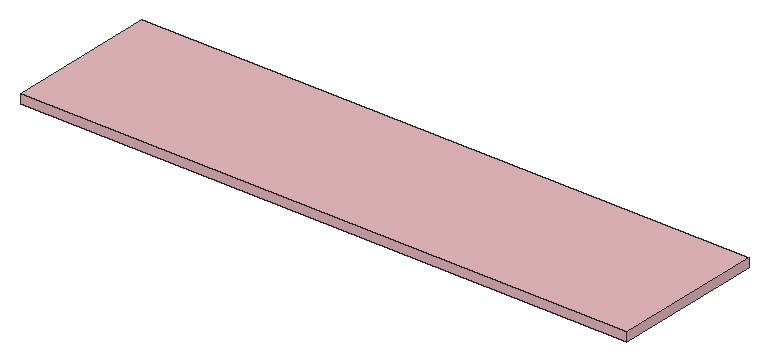
Revit family "Wood Wool - Ceiling Clouds", category Specialty Equipment, Revit 2023
Family settings
  Round Connector Dimension = Use Diameter
  Part Type = Normal
  OmniClass Number = 23.35.00.00
  OmniClass Title = Covering, Cladding, and Finishes
  Work Plane-Based = Yes
  Enable Cutting in Views = Yes
  Always vertical = No
  Cut with Voids When Loaded = No
  Maintain Annotation Orientation = No
  Shared = No
  Room Calculation Point = No
Parameters (values of type "1-3/8" Square 2ft x 8ft Custom Painted")
  URL = "https://www.acousticalsurfaces.com/envirocoustic-wood-wool/cloud/"
  Type Comments = "Acoustic panels"
  Thickness Options = 1
  T = if(Thickness Options = 0, 0' 1", 0' 0") + if(Thickness Options = 1, 0' 1 3/8", 0' 0") + if(Thickness Options = 2, 0' 2", 0' 0")  # 0' - 1 3/8"
  Recycled Content Percentage = "0%"
  Model = "Envirocoustic Wood Wool"
  Material = "Envirocoustic Wood Wool"
  Manufacturer = "Acoustical Surfaces, Inc."
  Fire Rating = "ASTM E84 - Class A"
  Finish = Paint - Acoustical-Surfaces - Custom Painted
  Edge Option = 2
  ‍     2. Square = Edge Option = 2  # yes
  ‍     1. Beveled = Edge Option = 1  # no
  Width = 2' - 0"
  Length = 8' - 0"
  ‍      2. Thickness 2" = Thickness Options = 2  # no
  ‍      1. Thickness 1-3/8" = Thickness Options = 1  # yes
  Description = "Acoustic Panels"
  Default Elevation = 0' - 0"
  Assembly Code = "C30"
  Acoustics - NRC = "Sound absorption varies from NRC 0.45 to 0.95 based on installation method used when tested per ASTM C423."
Types (24): name | Thickness Options | T | Finish | Edge Option | ‍     2. Square | ‍     1. Beveled | Length | ‍      2. Thickness 2" | ‍      1. Thickness 1-3/8"
  1-3/8" Square 2ft x 8ft Custom Painted | 1 | 0' - 1 3/8" | Paint - Acoustical-Surfaces - Custom Painted | 2 | yes | no | 8' - 0" | no | yes
  1-3/8" Square 2ft x 4ft Custom Painted | 1 | 0' - 1 3/8" | Paint - Acoustical-Surfaces - Custom Painted | 2 | yes | no | 4' - 0" | no | yes
  1-3/8" Square 2ft x 8ft Primed White | 1 | 0' - 1 3/8" | Paint - Acoustical-Surfaces - Primed White | 2 | yes | no | 8' - 0" | no | yes
  1-3/8" Square 2ft x 4ft Primed White | 1 | 0' - 1 3/8" | Paint - Acoustical-Surfaces - Primed White | 2 | yes | no | 4' - 0" | no | yes
  1-3/8" Square 2ft x 8ft Primed Clear | 1 | 0' - 1 3/8" | Paint - Acoustical-Surfaces - Primed Clear | 2 | yes | no | 8' - 0" | no | yes
  1-3/8" Square 2ft x 4ft Primed Clear | 1 | 0' - 1 3/8" | Paint - Acoustical-Surfaces - Primed Clear | 2 | yes | no | 4' - 0" | no | yes
  1-3/8" Beveled 2ft x 8ft Custom Painted | 1 | 0' - 1 3/8" | Paint - Acoustical-Surfaces - Custom Painted | 1 | no | yes | 8' - 0" | no | yes
  1-3/8" Beveled 2ft x 4ft Custom Painted | 1 | 0' - 1 3/8" | Paint - Acoustical-Surfaces - Custom Painted | 1 | no | yes | 4' - 0" | no | yes
  1-3/8" Beveled 2ft x 8ft Primed White | 1 | 0' - 1 3/8" | Paint - Acoustical-Surfaces - Primed White | 1 | no | yes | 8' - 0" | no | yes
  1-3/8" Beveled 2ft x 4ft Primed White | 2 | 0' - 2" | Paint - Acoustical-Surfaces - Primed White | 1 | no | yes | 4' - 0" | yes | no
  1-3/8" Beveled 2ft x 8ft Primed Clear | 1 | 0' - 1 3/8" | Paint - Acoustical-Surfaces - Primed Clear | 1 | no | yes | 8' - 0" | no | yes
  1-3/8" Beveled 2ft x 4ft Primed Clear | 1 | 0' - 1 3/8" | Paint - Acoustical-Surfaces - Primed Clear | 1 | no | yes | 4' - 0" | no | yes
  2" Beveled 2ft x 4ft Primed Clear | 2 | 0' - 2" | Paint - Acoustical-Surfaces - Primed Clear | 1 | no | yes | 4' - 0" | yes | no
  2" Beveled 2ft x 8ft Primed Clear | 2 | 0' - 2" | Paint - Acoustical-Surfaces - Primed Clear | 1 | no | yes | 8' - 0" | yes | no
  2" Beveled 2ft x 4ft Primed White | 2 | 0' - 2" | Paint - Acoustical-Surfaces - Primed White | 1 | no | yes | 4' - 0" | yes | no
  2" Beveled 2ft x 8ft Primed White | 2 | 0' - 2" | Paint - Acoustical-Surfaces - Primed White | 1 | no | yes | 8' - 0" | yes | no
  2" Beveled 2ft x 4ft Custom Painted | 2 | 0' - 2" | Paint - Acoustical-Surfaces - Custom Painted | 1 | no | yes | 4' - 0" | yes | no
  2" Beveled 2ft x 8ft Custom Painted | 2 | 0' - 2" | Paint - Acoustical-Surfaces - Custom Painted | 1 | no | yes | 8' - 0" | yes | no
  2" Square 2ft x 4ft Primed Clear | 2 | 0' - 2" | Paint - Acoustical-Surfaces - Primed Clear | 2 | yes | no | 4' - 0" | yes | no
  2" Square 2ft x 8ft Primed Clear | 2 | 0' - 2" | Paint - Acoustical-Surfaces - Primed Clear | 2 | yes | no | 8' - 0" | yes | no
  2" Square 2ft x 4ft Primed White | 2 | 0' - 2" | Paint - Acoustical-Surfaces - Primed White | 2 | yes | no | 4' - 0" | yes | no
  2" Square 2ft x 8ft Primed White | 2 | 0' - 2" | Paint - Acoustical-Surfaces - Primed White | 2 | yes | no | 8' - 0" | yes | no
  2" Square 2ft x 4ft Custom Painted | 2 | 0' - 2" | Paint - Acoustical-Surfaces - Custom Painted | 2 | yes | no | 4' - 0" | yes | no
  2" Square 2ft x 8ft Custom Painted | 2 | 0' - 2" | Paint - Acoustical-Surfaces - Custom Painted | 2 | yes | no | 8' - 0" | yes | no
Reference planes (in)
  plane 1 "Center (Front/Back)": y = 0
  plane 2: z = 0
  plane 3 "Center (Left/Right)": x = 0
  plane 4: x = -48
  plane 5: x = 48
  plane 6: y = 12
  plane 7: y = -12
  plane 8: z = -1.375
  plane 9: z = 0
Dimensions and locks (in)
  equal spacing: plane 4, plane 3 "Center (Left/Right)", plane 5
  "Length": plane 4 to plane 5
  equal spacing: plane 7, plane 1 "Center (Front/Back)", plane 6
  "Width": plane 7 to plane 6
  locked: plane 9 to level
  "T": level to plane 8
  aligned and locked: level to plane 2
Nested families (in)
  nested 1: "Beveled" at (0, 0, 0) x (1, 0, 0) z (0, 0, -1), visible <- "‍     1. Beveled", type "Beveled"
    with Thickness 0' - 1 3/8"
  nested 2: "Square" at (0, 0, 0) x (1, 0, 0) z (0, 0, -1), visible <- "‍     2. Square", type "Square"
    with Thickness 0' - 1 3/8"
Definition of nested family "Beveled"
  Parameters (values of type "Beveled")
    Thickness = 0' - 1"
    Material = none
    Default Elevation = 4' - 0"
    B = 2' - 0"
    A = 8' - 0"
  Reference planes (in)
    plane 1 "Center (Front/Back)": y = 0
    plane 2: z = 0
    plane 3 "Center (Left/Right)": x = 0
    plane 4: x = -48
    plane 5: x = 48
    plane 6: y = 12
    plane 7: y = -12
    plane 8: z = 1
  Forms (in)
    Extrusion 1, solid, material <- "Material"
      sketch origin (0, 0, 0) x (1, 0, 0) y (0, 1, 0)
        loop
          line (48, 12) -> (-48, 12) -> (-48, -12) -> (48, -12) -> (48, 12)
      from 0 to 1
    Sweep 2, void
      path in 3D
        loop
          line (48, 12, 1) -> (-48, 12, 1) -> (-48, -12, 1) -> (48, -12, 1) -> (48, 12, 1)
      profile "Triangle : Family2" origin (48, 0, 1) x (-1, 0, 0) y (0, 0, 1)
        loop
          line (0, 0) -> (0, -0.315) -> (0.315, 0) -> (0, 0)
  Cuts and joins
    Sweep 2 cuts Extrusion 1
  Lines and regions (in)
    sketch lines
      curve 1: line (48, -12, 1) -> (48, 12, 1)
      curve 2: line (-48, -12, 1) -> (48, -12, 1)
      curve 3: line (-48, 12, 1) -> (-48, -12, 1)
      curve 4: line (48, 12, 1) -> (-48, 12, 1)
  Dimensions and locks (in)
    equal spacing: plane 4, plane 3 "Center (Left/Right)", plane 5
    equal spacing: plane 7, plane 1 "Center (Front/Back)", plane 6
    "B": plane 7 to plane 6
    "A": plane 4 to plane 5
    "Thickness": plane 8 to level
    aligned and locked: level to plane 2
    aligned and locked: Extrusion 1 sketch curve to plane 4
    aligned and locked: plane 5 to Extrusion 1 sketch curve
    aligned and locked: Extrusion 1 sketch curve to plane 6
    aligned and locked: Extrusion 1 sketch curve to plane 7
    aligned and locked: Extrusion 1 to plane 8
Definition of nested family "Square"
  Parameters (values of type "Square")
    Thickness = 0' - 1"
    Material = none
    Default Elevation = 4' - 0"
    B = 2' - 0"
    A = 8' - 0"
  Reference planes (in)
    plane 1 "Center (Front/Back)": y = 0
    plane 2: z = 0
    plane 3 "Center (Left/Right)": x = 0
    plane 4: x = -48
    plane 5: x = 48
    plane 6: y = 12
    plane 7: y = -12
    plane 8: z = 1
  Forms (in)
    Extrusion 1, solid, material <- "Material"
      sketch origin (0, 0, 0) x (1, 0, 0) y (0, 1, 0)
        loop
          line (48, 12) -> (-48, 12) -> (-48, -12) -> (48, -12) -> (48, 12)
      from 0 to 1
  Dimensions and locks (in)
    equal spacing: plane 4, plane 3 "Center (Left/Right)", plane 5
    equal spacing: plane 7, plane 1 "Center (Front/Back)", plane 6
    "B": plane 7 to plane 6
    "A": plane 4 to plane 5
    "Thickness": plane 8 to level
    aligned and locked: level to plane 2
    aligned and locked: Extrusion 1 sketch curve to plane 4
    aligned and locked: plane 5 to Extrusion 1 sketch curve
    aligned and locked: Extrusion 1 sketch curve to plane 6
    aligned and locked: Extrusion 1 sketch curve to plane 7
    aligned and locked: Extrusion 1 to plane 8
